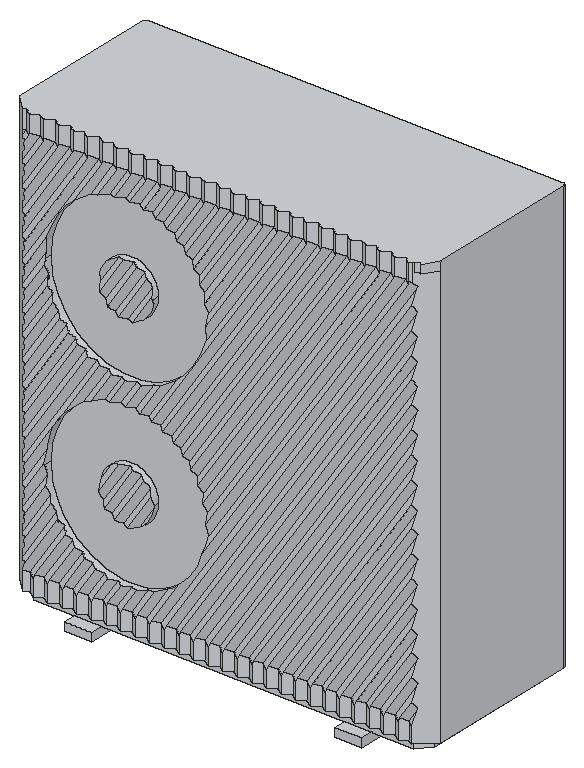
Revit family "HPR17HT", category Mechanical Equipment, Revit 2021 (continued)
Forms (mm)
  Extrusion 17, void
    sketch origin (0, 257.5, 0) x (-1, 0, 0) y (0, 0, 1)
      loop
        arc (253.83, 1010.793) -> (253.83, 993.116) -> (271.508, 993.116) r 12.5
        line (271.508, 993.116) -> (292.721, 1014.329)
        arc (292.721, 1014.329) -> (292.721, 1032.007) -> (275.043, 1032.007) r 12.5
        line (275.043, 1032.007) -> (253.83, 1010.793)
      loop
        arc (313.83, 1010.793) -> (313.83, 993.116) -> (331.508, 993.116) r 12.5
        line (331.508, 993.116) -> (352.721, 1014.329)
        arc (352.721, 1014.329) -> (352.721, 1032.007) -> (335.043, 1032.007) r 12.5
        line (335.043, 1032.007) -> (313.83, 1010.793)
      loop
        arc (373.83, 1010.793) -> (373.83, 993.116) -> (391.508, 993.116) r 12.5
        line (391.508, 993.116) -> (412.721, 1014.329)
        arc (412.721, 1014.329) -> (412.721, 1032.007) -> (395.043, 1032.007) r 12.5
        line (395.043, 1032.007) -> (373.83, 1010.793)
      loop
        arc (433.83, 1010.793) -> (433.83, 993.116) -> (451.508, 993.116) r 12.5
        line (451.508, 993.116) -> (472.721, 1014.329)
        arc (472.721, 1014.329) -> (472.721, 1032.007) -> (455.043, 1032.007) r 12.5
        line (455.043, 1032.007) -> (433.83, 1010.793)
      loop
        arc (493.83, 1010.793) -> (493.83, 993.116) -> (511.508, 993.116) r 12.5
        line (511.508, 993.116) -> (532.721, 1014.329)
        arc (532.721, 1014.329) -> (532.721, 1032.007) -> (515.043, 1032.007) r 12.5
        line (515.043, 1032.007) -> (493.83, 1010.793)
      loop
        arc (553.83, 1010.793) -> (553.83, 993.116) -> (571.508, 993.116) r 12.5
        line (571.508, 993.116) -> (592.721, 1014.329)
        arc (592.721, 1014.329) -> (592.721, 1032.007) -> (575.043, 1032.007) r 12.5
        line (575.043, 1032.007) -> (553.83, 1010.793)
      loop
        arc (193.83, 953.293) -> (193.83, 935.616) -> (211.508, 935.616) r 12.5
        line (211.508, 935.616) -> (232.721, 956.829)
        arc (232.721, 956.829) -> (232.721, 974.507) -> (215.043, 974.507) r 12.5
        line (215.043, 974.507) -> (193.83, 953.293)
      loop
        arc (253.83, 953.293) -> (253.83, 935.616) -> (271.508, 935.616) r 12.5
        line (271.508, 935.616) -> (292.721, 956.829)
        arc (292.721, 956.829) -> (292.721, 974.507) -> (275.043, 974.507) r 12.5
        line (275.043, 974.507) -> (253.83, 953.293)
      loop
        arc (313.83, 953.293) -> (313.83, 935.616) -> (331.508, 935.616) r 12.5
        line (331.508, 935.616) -> (352.721, 956.829)
        arc (352.721, 956.829) -> (352.721, 974.507) -> (335.043, 974.507) r 12.5
        line (335.043, 974.507) -> (313.83, 953.293)
      loop
        arc (373.83, 953.293) -> (373.83, 935.616) -> (391.508, 935.616) r 12.5
        line (391.508, 935.616) -> (412.721, 956.829)
        arc (412.721, 956.829) -> (412.721, 974.507) -> (395.043, 974.507) r 12.5
        line (395.043, 974.507) -> (373.83, 953.293)
      loop
        arc (433.83, 953.293) -> (433.83, 935.616) -> (451.508, 935.616) r 12.5
        line (451.508, 935.616) -> (472.721, 956.829)
        arc (472.721, 956.829) -> (472.721, 974.507) -> (455.043, 974.507) r 12.5
        line (455.043, 974.507) -> (433.83, 953.293)
      loop
        arc (493.83, 953.293) -> (493.83, 935.616) -> (511.508, 935.616) r 12.5
        line (511.508, 935.616) -> (532.721, 956.829)
        arc (532.721, 956.829) -> (532.721, 974.507) -> (515.043, 974.507) r 12.5
        line (515.043, 974.507) -> (493.83, 953.293)
      loop
        arc (553.83, 953.293) -> (553.83, 935.616) -> (571.508, 935.616) r 12.5
        line (571.508, 935.616) -> (592.721, 956.829)
        arc (592.721, 956.829) -> (592.721, 974.507) -> (575.043, 974.507) r 12.5
        line (575.043, 974.507) -> (553.83, 953.293)
      loop
        arc (193.83, 895.793) -> (193.83, 878.116) -> (211.508, 878.116) r 12.5
        line (211.508, 878.116) -> (232.721, 899.329)
        arc (232.721, 899.329) -> (232.721, 917.007) -> (215.043, 917.007) r 12.5
        line (215.043, 917.007) -> (193.83, 895.793)
      loop
        arc (253.83, 895.793) -> (253.83, 878.116) -> (271.508, 878.116) r 12.5
        line (271.508, 878.116) -> (292.721, 899.329)
        arc (292.721, 899.329) -> (292.721, 917.007) -> (275.043, 917.007) r 12.5
        line (275.043, 917.007) -> (253.83, 895.793)
      loop
        arc (313.83, 895.793) -> (313.83, 878.116) -> (331.508, 878.116) r 12.5
        line (331.508, 878.116) -> (352.721, 899.329)
        arc (352.721, 899.329) -> (352.721, 917.007) -> (335.043, 917.007) r 12.5
        line (335.043, 917.007) -> (313.83, 895.793)
      loop
        arc (373.83, 895.793) -> (373.83, 878.116) -> (391.508, 878.116) r 12.5
        line (391.508, 878.116) -> (412.721, 899.329)
        arc (412.721, 899.329) -> (412.721, 917.007) -> (395.043, 917.007) r 12.5
        line (395.043, 917.007) -> (373.83, 895.793)
      loop
        arc (433.83, 895.793) -> (433.83, 878.116) -> (451.508, 878.116) r 12.5
        line (451.508, 878.116) -> (472.721, 899.329)
        arc (472.721, 899.329) -> (472.721, 917.007) -> (455.043, 917.007) r 12.5
        line (455.043, 917.007) -> (433.83, 895.793)
      loop
        arc (493.83, 895.793) -> (493.83, 878.116) -> (511.508, 878.116) r 12.5
        line (511.508, 878.116) -> (532.721, 899.329)
        arc (532.721, 899.329) -> (532.721, 917.007) -> (515.043, 917.007) r 12.5
        line (515.043, 917.007) -> (493.83, 895.793)
      loop
        arc (553.83, 895.793) -> (553.83, 878.116) -> (571.508, 878.116) r 12.5
        line (571.508, 878.116) -> (592.721, 899.329)
        arc (592.721, 899.329) -> (592.721, 917.007) -> (575.043, 917.007) r 12.5
        line (575.043, 917.007) -> (553.83, 895.793)
      loop
        arc (193.83, 838.293) -> (193.83, 820.616) -> (211.508, 820.616) r 12.5
        line (211.508, 820.616) -> (232.721, 841.829)
        arc (232.721, 841.829) -> (232.721, 859.507) -> (215.043, 859.507) r 12.5
        line (215.043, 859.507) -> (193.83, 838.293)
      loop
        arc (253.83, 838.293) -> (253.83, 820.616) -> (271.508, 820.616) r 12.5
        line (271.508, 820.616) -> (292.721, 841.829)
        arc (292.721, 841.829) -> (292.721, 859.507) -> (275.043, 859.507) r 12.5
        line (275.043, 859.507) -> (253.83, 838.293)
      loop
        arc (313.83, 838.293) -> (313.83, 820.616) -> (331.508, 820.616) r 12.5
        line (331.508, 820.616) -> (352.721, 841.829)
        arc (352.721, 841.829) -> (352.721, 859.507) -> (335.043, 859.507) r 12.5
        line (335.043, 859.507) -> (313.83, 838.293)
      loop
        arc (373.83, 838.293) -> (373.83, 820.616) -> (391.508, 820.616) r 12.5
        line (391.508, 820.616) -> (412.721, 841.829)
        arc (412.721, 841.829) -> (412.721, 859.507) -> (395.043, 859.507) r 12.5
        line (395.043, 859.507) -> (373.83, 838.293)
      loop
        arc (433.83, 838.293) -> (433.83, 820.616) -> (451.508, 820.616) r 12.5
        line (451.508, 820.616) -> (472.721, 841.829)
        arc (472.721, 841.829) -> (472.721, 859.507) -> (455.043, 859.507) r 12.5
        line (455.043, 859.507) -> (433.83, 838.293)
      loop
        arc (493.83, 838.293) -> (493.83, 820.616) -> (511.508, 820.616) r 12.5
        line (511.508, 820.616) -> (532.721, 841.829)
        arc (532.721, 841.829) -> (532.721, 859.507) -> (515.043, 859.507) r 12.5
        line (515.043, 859.507) -> (493.83, 838.293)
      loop
        arc (553.83, 838.293) -> (553.83, 820.616) -> (571.508, 820.616) r 12.5
        line (571.508, 820.616) -> (592.721, 841.829)
        arc (592.721, 841.829) -> (592.721, 859.507) -> (575.043, 859.507) r 12.5
        line (575.043, 859.507) -> (553.83, 838.293)
      loop
        arc (193.83, 780.793) -> (193.83, 763.116) -> (211.508, 763.116) r 12.5
        line (211.508, 763.116) -> (232.721, 784.329)
        arc (232.721, 784.329) -> (232.721, 802.007) -> (215.043, 802.007) r 12.5
        line (215.043, 802.007) -> (193.83, 780.793)
      loop
        arc (253.83, 780.793) -> (253.83, 763.116) -> (271.508, 763.116) r 12.5
        line (271.508, 763.116) -> (292.721, 784.329)
        arc (292.721, 784.329) -> (292.721, 802.007) -> (275.043, 802.007) r 12.5
        line (275.043, 802.007) -> (253.83, 780.793)
      loop
        arc (313.83, 780.793) -> (313.83, 763.116) -> (331.508, 763.116) r 12.5
        line (331.508, 763.116) -> (352.721, 784.329)
        arc (352.721, 784.329) -> (352.721, 802.007) -> (335.043, 802.007) r 12.5
        line (335.043, 802.007) -> (313.83, 780.793)
      loop
        arc (373.83, 780.793) -> (373.83, 763.116) -> (391.508, 763.116) r 12.5
        line (391.508, 763.116) -> (412.721, 784.329)
        arc (412.721, 784.329) -> (412.721, 802.007) -> (395.043, 802.007) r 12.5
        line (395.043, 802.007) -> (373.83, 780.793)
      loop
        arc (433.83, 780.793) -> (433.83, 763.116) -> (451.508, 763.116) r 12.5
        line (451.508, 763.116) -> (472.721, 784.329)
        arc (472.721, 784.329) -> (472.721, 802.007) -> (455.043, 802.007) r 12.5
        line (455.043, 802.007) -> (433.83, 780.793)
      loop
        arc (493.83, 780.793) -> (493.83, 763.116) -> (511.508, 763.116) r 12.5
        line (511.508, 763.116) -> (532.721, 784.329)
        arc (532.721, 784.329) -> (532.721, 802.007) -> (515.043, 802.007) r 12.5
        line (515.043, 802.007) -> (493.83, 780.793)
      loop
        arc (553.83, 780.793) -> (553.83, 763.116) -> (571.508, 763.116) r 12.5
        line (571.508, 763.116) -> (592.721, 784.329)
        arc (592.721, 784.329) -> (592.721, 802.007) -> (575.043, 802.007) r 12.5
        line (575.043, 802.007) -> (553.83, 780.793)
      loop
        arc (193.83, 723.293) -> (193.83, 705.616) -> (211.508, 705.616) r 12.5
        line (211.508, 705.616) -> (232.721, 726.829)
        arc (232.721, 726.829) -> (232.721, 744.507) -> (215.043, 744.507) r 12.5
        line (215.043, 744.507) -> (193.83, 723.293)
      loop
        arc (253.83, 723.293) -> (253.83, 705.616) -> (271.508, 705.616) r 12.5
        line (271.508, 705.616) -> (292.721, 726.829)
        arc (292.721, 726.829) -> (292.721, 744.507) -> (275.043, 744.507) r 12.5
        line (275.043, 744.507) -> (253.83, 723.293)
      loop
        arc (313.83, 723.293) -> (313.83, 705.616) -> (331.508, 705.616) r 12.5
        line (331.508, 705.616) -> (352.721, 726.829)
        arc (352.721, 726.829) -> (352.721, 744.507) -> (335.043, 744.507) r 12.5
        line (335.043, 744.507) -> (313.83, 723.293)
      loop
        arc (373.83, 723.293) -> (373.83, 705.616) -> (391.508, 705.616) r 12.5
        line (391.508, 705.616) -> (412.721, 726.829)
        arc (412.721, 726.829) -> (412.721, 744.507) -> (395.043, 744.507) r 12.5
        line (395.043, 744.507) -> (373.83, 723.293)
      loop
        arc (433.83, 723.293) -> (433.83, 705.616) -> (451.508, 705.616) r 12.5
        line (451.508, 705.616) -> (472.721, 726.829)
        arc (472.721, 726.829) -> (472.721, 744.507) -> (455.043, 744.507) r 12.5
        line (455.043, 744.507) -> (433.83, 723.293)
      loop
        arc (493.83, 723.293) -> (493.83, 705.616) -> (511.508, 705.616) r 12.5
        line (511.508, 705.616) -> (532.721, 726.829)
        arc (532.721, 726.829) -> (532.721, 744.507) -> (515.043, 744.507) r 12.5
        line (515.043, 744.507) -> (493.83, 723.293)
      loop
        arc (553.83, 723.293) -> (553.83, 705.616) -> (571.508, 705.616) r 12.5
        line (571.508, 705.616) -> (592.721, 726.829)
        arc (592.721, 726.829) -> (592.721, 744.507) -> (575.043, 744.507) r 12.5
        line (575.043, 744.507) -> (553.83, 723.293)
      loop
        arc (193.83, 665.793) -> (193.83, 648.116) -> (211.508, 648.116) r 12.5
        line (211.508, 648.116) -> (232.721, 669.329)
        arc (232.721, 669.329) -> (232.721, 687.007) -> (215.043, 687.007) r 12.5
        line (215.043, 687.007) -> (193.83, 665.793)
      loop
        arc (253.83, 665.793) -> (253.83, 648.116) -> (271.508, 648.116) r 12.5
        line (271.508, 648.116) -> (292.721, 669.329)
        arc (292.721, 669.329) -> (292.721, 687.007) -> (275.043, 687.007) r 12.5
        line (275.043, 687.007) -> (253.83, 665.793)
      loop
        arc (313.83, 665.793) -> (313.83, 648.116) -> (331.508, 648.116) r 12.5
        line (331.508, 648.116) -> (352.721, 669.329)
        arc (352.721, 669.329) -> (352.721, 687.007) -> (335.043, 687.007) r 12.5
        line (335.043, 687.007) -> (313.83, 665.793)
      loop
        arc (373.83, 665.793) -> (373.83, 648.116) -> (391.508, 648.116) r 12.5
        line (391.508, 648.116) -> (412.721, 669.329)
        arc (412.721, 669.329) -> (412.721, 687.007) -> (395.043, 687.007) r 12.5
        line (395.043, 687.007) -> (373.83, 665.793)
      loop
        arc (433.83, 665.793) -> (433.83, 648.116) -> (451.508, 648.116) r 12.5
        line (451.508, 648.116) -> (472.721, 669.329)
        arc (472.721, 669.329) -> (472.721, 687.007) -> (455.043, 687.007) r 12.5
        line (455.043, 687.007) -> (433.83, 665.793)
      loop
        arc (493.83, 665.793) -> (493.83, 648.116) -> (511.508, 648.116) r 12.5
        line (511.508, 648.116) -> (532.721, 669.329)
        arc (532.721, 669.329) -> (532.721, 687.007) -> (515.043, 687.007) r 12.5
        line (515.043, 687.007) -> (493.83, 665.793)
      loop
        arc (553.83, 665.793) -> (553.83, 648.116) -> (571.508, 648.116) r 12.5
        line (571.508, 648.116) -> (592.721, 669.329)
        arc (592.721, 669.329) -> (592.721, 687.007) -> (575.043, 687.007) r 12.5
        line (575.043, 687.007) -> (553.83, 665.793)
      loop
        arc (193.83, 608.293) -> (193.83, 590.616) -> (211.508, 590.616) r 12.5
        line (211.508, 590.616) -> (232.721, 611.829)
        arc (232.721, 611.829) -> (232.721, 629.507) -> (215.043, 629.507) r 12.5
        line (215.043, 629.507) -> (193.83, 608.293)
      loop
        arc (253.83, 608.293) -> (253.83, 590.616) -> (271.508, 590.616) r 12.5
        line (271.508, 590.616) -> (292.721, 611.829)
        arc (292.721, 611.829) -> (292.721, 629.507) -> (275.043, 629.507) r 12.5
        line (275.043, 629.507) -> (253.83, 608.293)
      loop
        arc (313.83, 608.293) -> (313.83, 590.616) -> (331.508, 590.616) r 12.5
        line (331.508, 590.616) -> (352.721, 611.829)
        arc (352.721, 611.829) -> (352.721, 629.507) -> (335.043, 629.507) r 12.5
        line (335.043, 629.507) -> (313.83, 608.293)
      loop
        arc (373.83, 608.293) -> (373.83, 590.616) -> (391.508, 590.616) r 12.5
        line (391.508, 590.616) -> (412.721, 611.829)
        arc (412.721, 611.829) -> (412.721, 629.507) -> (395.043, 629.507) r 12.5
        line (395.043, 629.507) -> (373.83, 608.293)
      loop
        arc (433.83, 608.293) -> (433.83, 590.616) -> (451.508, 590.616) r 12.5
        line (451.508, 590.616) -> (472.721, 611.829)
        arc (472.721, 611.829) -> (472.721, 629.507) -> (455.043, 629.507) r 12.5
        line (455.043, 629.507) -> (433.83, 608.293)
      loop
        arc (493.83, 608.293) -> (493.83, 590.616) -> (511.508, 590.616) r 12.5
        line (511.508, 590.616) -> (532.721, 611.829)
        arc (532.721, 611.829) -> (532.721, 629.507) -> (515.043, 629.507) r 12.5
        line (515.043, 629.507) -> (493.83, 608.293)
      loop
        arc (553.83, 608.293) -> (553.83, 590.616) -> (571.508, 590.616) r 12.5
        line (571.508, 590.616) -> (592.721, 611.829)
        arc (592.721, 611.829) -> (592.721, 629.507) -> (575.043, 629.507) r 12.5
        line (575.043, 629.507) -> (553.83, 608.293)
      loop
        arc (193.83, 550.793) -> (193.83, 533.116) -> (211.508, 533.116) r 12.5
        line (211.508, 533.116) -> (232.721, 554.329)
        arc (232.721, 554.329) -> (232.721, 572.007) -> (215.043, 572.007) r 12.5
        line (215.043, 572.007) -> (193.83, 550.793)
      loop
        arc (253.83, 550.793) -> (253.83, 533.116) -> (271.508, 533.116) r 12.5
        line (271.508, 533.116) -> (292.721, 554.329)
        arc (292.721, 554.329) -> (292.721, 572.007) -> (275.043, 572.007) r 12.5
        line (275.043, 572.007) -> (253.83, 550.793)
      loop
        arc (313.83, 550.793) -> (313.83, 533.116) -> (331.508, 533.116) r 12.5
        line (331.508, 533.116) -> (352.721, 554.329)
        arc (352.721, 554.329) -> (352.721, 572.007) -> (335.043, 572.007) r 12.5
        line (335.043, 572.007) -> (313.83, 550.793)
      loop
        arc (373.83, 550.793) -> (373.83, 533.116) -> (391.508, 533.116) r 12.5
        line (391.508, 533.116) -> (412.721, 554.329)
        arc (412.721, 554.329) -> (412.721, 572.007) -> (395.043, 572.007) r 12.5
        line (395.043, 572.007) -> (373.83, 550.793)
      loop
        arc (433.83, 550.793) -> (433.83, 533.116) -> (451.508, 533.116) r 12.5
        line (451.508, 533.116) -> (472.721, 554.329)
        arc (472.721, 554.329) -> (472.721, 572.007) -> (455.043, 572.007) r 12.5
        line (455.043, 572.007) -> (433.83, 550.793)
      loop
        arc (493.83, 550.793) -> (493.83, 533.116) -> (511.508, 533.116) r 12.5
        line (511.508, 533.116) -> (532.721, 554.329)
        arc (532.721, 554.329) -> (532.721, 572.007) -> (515.043, 572.007) r 12.5
        line (515.043, 572.007) -> (493.83, 550.793)
      loop
        arc (553.83, 550.793) -> (553.83, 533.116) -> (571.508, 533.116) r 12.5
        line (571.508, 533.116) -> (592.721, 554.329)
        arc (592.721, 554.329) -> (592.721, 572.007) -> (575.043, 572.007) r 12.5
        line (575.043, 572.007) -> (553.83, 550.793)
      loop
        arc (193.83, 493.293) -> (193.83, 475.616) -> (211.508, 475.616) r 12.5
        line (211.508, 475.616) -> (232.721, 496.829)
        arc (232.721, 496.829) -> (232.721, 514.507) -> (215.043, 514.507) r 12.5
        line (215.043, 514.507) -> (193.83, 493.293)
      loop
        arc (253.83, 493.293) -> (253.83, 475.616) -> (271.508, 475.616) r 12.5
        line (271.508, 475.616) -> (292.721, 496.829)
        arc (292.721, 496.829) -> (292.721, 514.507) -> (275.043, 514.507) r 12.5
        line (275.043, 514.507) -> (253.83, 493.293)
      loop
        arc (313.83, 493.293) -> (313.83, 475.616) -> (331.508, 475.616) r 12.5
        line (331.508, 475.616) -> (352.721, 496.829)
        arc (352.721, 496.829) -> (352.721, 514.507) -> (335.043, 514.507) r 12.5
        line (335.043, 514.507) -> (313.83, 493.293)
      loop
        arc (373.83, 493.293) -> (373.83, 475.616) -> (391.508, 475.616) r 12.5
        line (391.508, 475.616) -> (412.721, 496.829)
        arc (412.721, 496.829) -> (412.721, 514.507) -> (395.043, 514.507) r 12.5
        line (395.043, 514.507) -> (373.83, 493.293)
      loop
        arc (433.83, 493.293) -> (433.83, 475.616) -> (451.508, 475.616) r 12.5
        line (451.508, 475.616) -> (472.721, 496.829)
        arc (472.721, 496.829) -> (472.721, 514.507) -> (455.043, 514.507) r 12.5
        line (455.043, 514.507) -> (433.83, 493.293)
      loop
        arc (493.83, 493.293) -> (493.83, 475.616) -> (511.508, 475.616) r 12.5
        line (511.508, 475.616) -> (532.721, 496.829)
        arc (532.721, 496.829) -> (532.721, 514.507) -> (515.043, 514.507) r 12.5
        line (515.043, 514.507) -> (493.83, 493.293)
      loop
        arc (553.83, 493.293) -> (553.83, 475.616) -> (571.508, 475.616) r 12.5
        line (571.508, 475.616) -> (592.721, 496.829)
        arc (592.721, 496.829) -> (592.721, 514.507) -> (575.043, 514.507) r 12.5
        line (575.043, 514.507) -> (553.83, 493.293)
      loop
        arc (193.83, 435.793) -> (193.83, 418.116) -> (211.508, 418.116) r 12.5
        line (211.508, 418.116) -> (232.721, 439.329)
        arc (232.721, 439.329) -> (232.721, 457.007) -> (215.043, 457.007) r 12.5
        line (215.043, 457.007) -> (193.83, 435.793)
      loop
        arc (253.83, 435.793) -> (253.83, 418.116) -> (271.508, 418.116) r 12.5
        line (271.508, 418.116) -> (292.721, 439.329)
        arc (292.721, 439.329) -> (292.721, 457.007) -> (275.043, 457.007) r 12.5
        line (275.043, 457.007) -> (253.83, 435.793)
      loop
        arc (313.83, 435.793) -> (313.83, 418.116) -> (331.508, 418.116) r 12.5
        line (331.508, 418.116) -> (352.721, 439.329)
        arc (352.721, 439.329) -> (352.721, 457.007) -> (335.043, 457.007) r 12.5
        line (335.043, 457.007) -> (313.83, 435.793)
      loop
        arc (373.83, 435.793) -> (373.83, 418.116) -> (391.508, 418.116) r 12.5
        line (391.508, 418.116) -> (412.721, 439.329)
        arc (412.721, 439.329) -> (412.721, 457.007) -> (395.043, 457.007) r 12.5
        line (395.043, 457.007) -> (373.83, 435.793)
      loop
        arc (433.83, 435.793) -> (433.83, 418.116) -> (451.508, 418.116) r 12.5
        line (451.508, 418.116) -> (472.721, 439.329)
        arc (472.721, 439.329) -> (472.721, 457.007) -> (455.043, 457.007) r 12.5
        line (455.043, 457.007) -> (433.83, 435.793)
      loop
        arc (493.83, 435.793) -> (493.83, 418.116) -> (511.508, 418.116) r 12.5
        line (511.508, 418.116) -> (532.721, 439.329)
        arc (532.721, 439.329) -> (532.721, 457.007) -> (515.043, 457.007) r 12.5
        line (515.043, 457.007) -> (493.83, 435.793)
      loop
        arc (553.83, 435.793) -> (553.83, 418.116) -> (571.508, 418.116) r 12.5
        line (571.508, 418.116) -> (592.721, 439.329)
        arc (592.721, 439.329) -> (592.721, 457.007) -> (575.043, 457.007) r 12.5
        line (575.043, 457.007) -> (553.83, 435.793)
      loop
        arc (193.83, 378.293) -> (193.83, 360.616) -> (211.508, 360.616) r 12.5
        line (211.508, 360.616) -> (232.721, 381.829)
        arc (232.721, 381.829) -> (232.721, 399.507) -> (215.043, 399.507) r 12.5
        line (215.043, 399.507) -> (193.83, 378.293)
      loop
        arc (253.83, 378.293) -> (253.83, 360.616) -> (271.508, 360.616) r 12.5
        line (271.508, 360.616) -> (292.721, 381.829)
        arc (292.721, 381.829) -> (292.721, 399.507) -> (275.043, 399.507) r 12.5
        line (275.043, 399.507) -> (253.83, 378.293)
      loop
        arc (313.83, 378.293) -> (313.83, 360.616) -> (331.508, 360.616) r 12.5
        line (331.508, 360.616) -> (352.721, 381.829)
        arc (352.721, 381.829) -> (352.721, 399.507) -> (335.043, 399.507) r 12.5
        line (335.043, 399.507) -> (313.83, 378.293)
      loop
        arc (373.83, 378.293) -> (373.83, 360.616) -> (391.508, 360.616) r 12.5
        line (391.508, 360.616) -> (412.721, 381.829)
        arc (412.721, 381.829) -> (412.721, 399.507) -> (395.043, 399.507) r 12.5
        line (395.043, 399.507) -> (373.83, 378.293)
      loop
        arc (433.83, 378.293) -> (433.83, 360.616) -> (451.508, 360.616) r 12.5
        line (451.508, 360.616) -> (472.721, 381.829)
        arc (472.721, 381.829) -> (472.721, 399.507) -> (455.043, 399.507) r 12.5
        line (455.043, 399.507) -> (433.83, 378.293)
      loop
        arc (493.83, 378.293) -> (493.83, 360.616) -> (511.508, 360.616) r 12.5
        line (511.508, 360.616) -> (532.721, 381.829)
        arc (532.721, 381.829) -> (532.721, 399.507) -> (515.043, 399.507) r 12.5
        line (515.043, 399.507) -> (493.83, 378.293)
      loop
        arc (553.83, 378.293) -> (553.83, 360.616) -> (571.508, 360.616) r 12.5
        line (571.508, 360.616) -> (592.721, 381.829)
        arc (592.721, 381.829) -> (592.721, 399.507) -> (575.043, 399.507) r 12.5
        line (575.043, 399.507) -> (553.83, 378.293)
      loop
        arc (193.83, 320.793) -> (193.83, 303.116) -> (211.508, 303.116) r 12.5
        line (211.508, 303.116) -> (232.721, 324.329)
        arc (232.721, 324.329) -> (232.721, 342.007) -> (215.043, 342.007) r 12.5
        line (215.043, 342.007) -> (193.83, 320.793)
      loop
        arc (253.83, 320.793) -> (253.83, 303.116) -> (271.508, 303.116) r 12.5
        line (271.508, 303.116) -> (292.721, 324.329)
        arc (292.721, 324.329) -> (292.721, 342.007) -> (275.043, 342.007) r 12.5
        line (275.043, 342.007) -> (253.83, 320.793)
      loop
        arc (313.83, 320.793) -> (313.83, 303.116) -> (331.508, 303.116) r 12.5
        line (331.508, 303.116) -> (352.721, 324.329)
        arc (352.721, 324.329) -> (352.721, 342.007) -> (335.043, 342.007) r 12.5
        line (335.043, 342.007) -> (313.83, 320.793)
      loop
        arc (373.83, 320.793) -> (373.83, 303.116) -> (391.508, 303.116) r 12.5
        line (391.508, 303.116) -> (412.721, 324.329)
        arc (412.721, 324.329) -> (412.721, 342.007) -> (395.043, 342.007) r 12.5
        line (395.043, 342.007) -> (373.83, 320.793)
      loop
        arc (433.83, 320.793) -> (433.83, 303.116) -> (451.508, 303.116) r 12.5
        line (451.508, 303.116) -> (472.721, 324.329)
        arc (472.721, 324.329) -> (472.721, 342.007) -> (455.043, 342.007) r 12.5
        line (455.043, 342.007) -> (433.83, 320.793)
      loop
        arc (493.83, 320.793) -> (493.83, 303.116) -> (511.508, 303.116) r 12.5
        line (511.508, 303.116) -> (532.721, 324.329)
        arc (532.721, 324.329) -> (532.721, 342.007) -> (515.043, 342.007) r 12.5
        line (515.043, 342.007) -> (493.83, 320.793)
      loop
        arc (553.83, 320.793) -> (553.83, 303.116) -> (571.508, 303.116) r 12.5
        line (571.508, 303.116) -> (592.721, 324.329)
        arc (592.721, 324.329) -> (592.721, 342.007) -> (575.043, 342.007) r 12.5
        line (575.043, 342.007) -> (553.83, 320.793)
      loop
        arc (193.83, 263.293) -> (193.83, 245.616) -> (211.508, 245.616) r 12.5
        line (211.508, 245.616) -> (232.721, 266.829)
        arc (232.721, 266.829) -> (232.721, 284.507) -> (215.043, 284.507) r 12.5
        line (215.043, 284.507) -> (193.83, 263.293)
      loop
        arc (253.83, 263.293) -> (253.83, 245.616) -> (271.508, 245.616) r 12.5
        line (271.508, 245.616) -> (292.721, 266.829)
        arc (292.721, 266.829) -> (292.721, 284.507) -> (275.043, 284.507) r 12.5
        line (275.043, 284.507) -> (253.83, 263.293)
      loop
        arc (313.83, 263.293) -> (313.83, 245.616) -> (331.508, 245.616) r 12.5
        line (331.508, 245.616) -> (352.721, 266.829)
        arc (352.721, 266.829) -> (352.721, 284.507) -> (335.043, 284.507) r 12.5
        line (335.043, 284.507) -> (313.83, 263.293)
      loop
        arc (373.83, 263.293) -> (373.83, 245.616) -> (391.508, 245.616) r 12.5
        line (391.508, 245.616) -> (412.721, 266.829)
        arc (412.721, 266.829) -> (412.721, 284.507) -> (395.043, 284.507) r 12.5
        line (395.043, 284.507) -> (373.83, 263.293)
      loop
        arc (433.83, 263.293) -> (433.83, 245.616) -> (451.508, 245.616) r 12.5
        line (451.508, 245.616) -> (472.721, 266.829)
        arc (472.721, 266.829) -> (472.721, 284.507) -> (455.043, 284.507) r 12.5
        line (455.043, 284.507) -> (433.83, 263.293)
      loop
        arc (493.83, 263.293) -> (493.83, 245.616) -> (511.508, 245.616) r 12.5
        line (511.508, 245.616) -> (532.721, 266.829)
        arc (532.721, 266.829) -> (532.721, 284.507) -> (515.043, 284.507) r 12.5
        line (515.043, 284.507) -> (493.83, 263.293)
      loop
        arc (553.83, 263.293) -> (553.83, 245.616) -> (571.508, 245.616) r 12.5
        line (571.508, 245.616) -> (592.721, 266.829)
        arc (592.721, 266.829) -> (592.721, 284.507) -> (575.043, 284.507) r 12.5
        line (575.043, 284.507) -> (553.83, 263.293)
      loop
        arc (193.83, 205.793) -> (193.83, 188.116) -> (211.508, 188.116) r 12.5
        line (211.508, 188.116) -> (232.721, 209.329)
        arc (232.721, 209.329) -> (232.721, 227.007) -> (215.043, 227.007) r 12.5
        line (215.043, 227.007) -> (193.83, 205.793)
      loop
        arc (253.83, 205.793) -> (253.83, 188.116) -> (271.508, 188.116) r 12.5
        line (271.508, 188.116) -> (292.721, 209.329)
        arc (292.721, 209.329) -> (292.721, 227.007) -> (275.043, 227.007) r 12.5
        line (275.043, 227.007) -> (253.83, 205.793)
      loop
        arc (313.83, 205.793) -> (313.83, 188.116) -> (331.508, 188.116) r 12.5
        line (331.508, 188.116) -> (352.721, 209.329)
        arc (352.721, 209.329) -> (352.721, 227.007) -> (335.043, 227.007) r 12.5
        line (335.043, 227.007) -> (313.83, 205.793)
      loop
        arc (373.83, 205.793) -> (373.83, 188.116) -> (391.508, 188.116) r 12.5
        line (391.508, 188.116) -> (412.721, 209.329)
        arc (412.721, 209.329) -> (412.721, 227.007) -> (395.043, 227.007) r 12.5
        line (395.043, 227.007) -> (373.83, 205.793)
      loop
        arc (433.83, 205.793) -> (433.83, 188.116) -> (451.508, 188.116) r 12.5
        line (451.508, 188.116) -> (472.721, 209.329)
        arc (472.721, 209.329) -> (472.721, 227.007) -> (455.043, 227.007) r 12.5
        line (455.043, 227.007) -> (433.83, 205.793)
      loop
        arc (493.83, 205.793) -> (493.83, 188.116) -> (511.508, 188.116) r 12.5
        line (511.508, 188.116) -> (532.721, 209.329)
        arc (532.721, 209.329) -> (532.721, 227.007) -> (515.043, 227.007) r 12.5
        line (515.043, 227.007) -> (493.83, 205.793)
      loop
        arc (553.83, 205.793) -> (553.83, 188.116) -> (571.508, 188.116) r 12.5
        line (571.508, 188.116) -> (592.721, 209.329)
        arc (592.721, 209.329) -> (592.721, 227.007) -> (575.043, 227.007) r 12.5
        line (575.043, 227.007) -> (553.83, 205.793)
      loop
        arc (193.83, 148.293) -> (193.83, 130.616) -> (211.508, 130.616) r 12.5
        line (211.508, 130.616) -> (232.721, 151.829)
        arc (232.721, 151.829) -> (232.721, 169.507) -> (215.043, 169.507) r 12.5
        line (215.043, 169.507) -> (193.83, 148.293)
      loop
        arc (253.83, 148.293) -> (253.83, 130.616) -> (271.508, 130.616) r 12.5
        line (271.508, 130.616) -> (292.721, 151.829)
        arc (292.721, 151.829) -> (292.721, 169.507) -> (275.043, 169.507) r 12.5
        line (275.043, 169.507) -> (253.83, 148.293)
      loop
        arc (313.83, 148.293) -> (313.83, 130.616) -> (331.508, 130.616) r 12.5
        line (331.508, 130.616) -> (352.721, 151.829)
        arc (352.721, 151.829) -> (352.721, 169.507) -> (335.043, 169.507) r 12.5
        line (335.043, 169.507) -> (313.83, 148.293)
      loop
        arc (373.83, 148.293) -> (373.83, 130.616) -> (391.508, 130.616) r 12.5
        line (391.508, 130.616) -> (412.721, 151.829)
        arc (412.721, 151.829) -> (412.721, 169.507) -> (395.043, 169.507) r 12.5
        line (395.043, 169.507) -> (373.83, 148.293)
      loop
        arc (433.83, 148.293) -> (433.83, 130.616) -> (451.508, 130.616) r 12.5
        line (451.508, 130.616) -> (472.721, 151.829)
        arc (472.721, 151.829) -> (472.721, 169.507) -> (455.043, 169.507) r 12.5
        line (455.043, 169.507) -> (433.83, 148.293)
      loop
        arc (493.83, 148.293) -> (493.83, 130.616) -> (511.508, 130.616) r 12.5
        line (511.508, 130.616) -> (532.721, 151.829)
        arc (532.721, 151.829) -> (532.721, 169.507) -> (515.043, 169.507) r 12.5
        line (515.043, 169.507) -> (493.83, 148.293)
      loop
        arc (553.83, 148.293) -> (553.83, 130.616) -> (571.508, 130.616) r 12.5
        line (571.508, 130.616) -> (592.721, 151.829)
        arc (592.721, 151.829) -> (592.721, 169.507) -> (575.043, 169.507) r 12.5
        line (575.043, 169.507) -> (553.83, 148.293)
      loop
        arc (193.83, 90.793) -> (193.83, 73.116) -> (211.508, 73.116) r 12.5
        line (211.508, 73.116) -> (232.721, 94.329)
        arc (232.721, 94.329) -> (232.721, 112.007) -> (215.043, 112.007) r 12.5
        line (215.043, 112.007) -> (193.83, 90.793)
      loop
        arc (253.83, 90.793) -> (253.83, 73.116) -> (271.508, 73.116) r 12.5
        line (271.508, 73.116) -> (292.721, 94.329)
        arc (292.721, 94.329) -> (292.721, 112.007) -> (275.043, 112.007) r 12.5
        line (275.043, 112.007) -> (253.83, 90.793)
      loop
        arc (313.83, 90.793) -> (313.83, 73.116) -> (331.508, 73.116) r 12.5
        line (331.508, 73.116) -> (352.721, 94.329)
        arc (352.721, 94.329) -> (352.721, 112.007) -> (335.043, 112.007) r 12.5
        line (335.043, 112.007) -> (313.83, 90.793)
      loop
        arc (373.83, 90.793) -> (373.83, 73.116) -> (391.508, 73.116) r 12.5
        line (391.508, 73.116) -> (412.721, 94.329)
        arc (412.721, 94.329) -> (412.721, 112.007) -> (395.043, 112.007) r 12.5
        line (395.043, 112.007) -> (373.83, 90.793)
      loop
        arc (433.83, 90.793) -> (433.83, 73.116) -> (451.508, 73.116) r 12.5
        line (451.508, 73.116) -> (472.721, 94.329)
        arc (472.721, 94.329) -> (472.721, 112.007) -> (455.043, 112.007) r 12.5
        line (455.043, 112.007) -> (433.83, 90.793)
      loop
        arc (493.83, 90.793) -> (493.83, 73.116) -> (511.508, 73.116) r 12.5
        line (511.508, 73.116) -> (532.721, 94.329)
        arc (532.721, 94.329) -> (532.721, 112.007) -> (515.043, 112.007) r 12.5
        line (515.043, 112.007) -> (493.83, 90.793)
      loop
        arc (553.83, 90.793) -> (553.83, 73.116) -> (571.508, 73.116) r 12.5
        line (571.508, 73.116) -> (592.721, 94.329)
        arc (592.721, 94.329) -> (592.721, 112.007) -> (575.043, 112.007) r 12.5
        line (575.043, 112.007) -> (553.83, 90.793)
      loop
        arc (-46.17, 1240.793) -> (-46.17, 1223.116) -> (-28.492, 1223.116) r 12.5
        line (-28.492, 1223.116) -> (-7.279, 1244.329)
        arc (-7.279, 1244.329) -> (-7.279, 1262.007) -> (-24.957, 1262.007) r 12.5
        line (-24.957, 1262.007) -> (-46.17, 1240.793)
      loop
        arc (13.83, 1240.793) -> (13.83, 1223.116) -> (31.508, 1223.116) r 12.5
        line (31.508, 1223.116) -> (52.721, 1244.329)
        arc (52.721, 1244.329) -> (52.721, 1262.007) -> (35.043, 1262.007) r 12.5
        line (35.043, 1262.007) -> (13.83, 1240.793)
      loop
        arc (73.83, 1240.793) -> (73.83, 1223.116) -> (91.508, 1223.116) r 12.5
        line (91.508, 1223.116) -> (112.721, 1244.329)
        arc (112.721, 1244.329) -> (112.721, 1262.007) -> (95.043, 1262.007) r 12.5
        line (95.043, 1262.007) -> (73.83, 1240.793)
      loop
        arc (133.83, 1240.793) -> (133.83, 1223.116) -> (151.508, 1223.116) r 12.5
        line (151.508, 1223.116) -> (172.721, 1244.329)
        arc (172.721, 1244.329) -> (172.721, 1262.007) -> (155.043, 1262.007) r 12.5
        line (155.043, 1262.007) -> (133.83, 1240.793)
      loop
        arc (-46.17, 1183.293) -> (-46.17, 1165.616) -> (-28.492, 1165.616) r 12.5
        line (-28.492, 1165.616) -> (-7.279, 1186.829)
        arc (-7.279, 1186.829) -> (-7.279, 1204.507) -> (-24.957, 1204.507) r 12.5
        line (-24.957, 1204.507) -> (-46.17, 1183.293)
      loop
        arc (13.83, 1183.293) -> (13.83, 1165.616) -> (31.508, 1165.616) r 12.5
        line (31.508, 1165.616) -> (52.721, 1186.829)
        arc (52.721, 1186.829) -> (52.721, 1204.507) -> (35.043, 1204.507) r 12.5
        line (35.043, 1204.507) -> (13.83, 1183.293)
      loop
        arc (73.83, 1183.293) -> (73.83, 1165.616) -> (91.508, 1165.616) r 12.5
        line (91.508, 1165.616) -> (112.721, 1186.829)
        arc (112.721, 1186.829) -> (112.721, 1204.507) -> (95.043, 1204.507) r 12.5
        line (95.043, 1204.507) -> (73.83, 1183.293)
      loop
        arc (133.83, 1183.293) -> (133.83, 1165.616) -> (151.508, 1165.616) r 12.5
        line (151.508, 1165.616) -> (172.721, 1186.829)
        arc (172.721, 1186.829) -> (172.721, 1204.507) -> (155.043, 1204.507) r 12.5
        line (155.043, 1204.507) -> (133.83, 1183.293)
      loop
        arc (-46.17, 1125.793) -> (-46.17, 1108.116) -> (-28.492, 1108.116) r 12.5
        line (-28.492, 1108.116) -> (-7.279, 1129.329)
        arc (-7.279, 1129.329) -> (-7.279, 1147.007) -> (-24.957, 1147.007) r 12.5
        line (-24.957, 1147.007) -> (-46.17, 1125.793)
      loop
        arc (13.83, 1125.793) -> (13.83, 1108.116) -> (31.508, 1108.116) r 12.5
        line (31.508, 1108.116) -> (52.721, 1129.329)
        arc (52.721, 1129.329) -> (52.721, 1147.007) -> (35.043, 1147.007) r 12.5
        line (35.043, 1147.007) -> (13.83, 1125.793)
      loop
        arc (73.83, 1125.793) -> (73.83, 1108.116) -> (91.508, 1108.116) r 12.5
        line (91.508, 1108.116) -> (112.721, 1129.329)
        arc (112.721, 1129.329) -> (112.721, 1147.007) -> (95.043, 1147.007) r 12.5
        line (95.043, 1147.007) -> (73.83, 1125.793)
      loop
        arc (133.83, 1125.793) -> (133.83, 1108.116) -> (151.508, 1108.116) r 12.5
        line (151.508, 1108.116) -> (172.721, 1129.329)
        arc (172.721, 1129.329) -> (172.721, 1147.007) -> (155.043, 1147.007) r 12.5
        line (155.043, 1147.007) -> (133.83, 1125.793)
      loop
        arc (-46.17, 1068.293) -> (-46.17, 1050.616) -> (-28.492, 1050.616) r 12.5
        line (-28.492, 1050.616) -> (-7.279, 1071.829)
        arc (-7.279, 1071.829) -> (-7.279, 1089.507) -> (-24.957, 1089.507) r 12.5
        line (-24.957, 1089.507) -> (-46.17, 1068.293)
      loop
        arc (13.83, 1068.293) -> (13.83, 1050.616) -> (31.508, 1050.616) r 12.5
        line (31.508, 1050.616) -> (52.721, 1071.829)
        arc (52.721, 1071.829) -> (52.721, 1089.507) -> (35.043, 1089.507) r 12.5
        line (35.043, 1089.507) -> (13.83, 1068.293)
      loop
        arc (73.83, 1068.293) -> (73.83, 1050.616) -> (91.508, 1050.616) r 12.5
        line (91.508, 1050.616) -> (112.721, 1071.829)
        arc (112.721, 1071.829) -> (112.721, 1089.507) -> (95.043, 1089.507) r 12.5
        line (95.043, 1089.507) -> (73.83, 1068.293)
      loop
        arc (133.83, 1068.293) -> (133.83, 1050.616) -> (151.508, 1050.616) r 12.5
        line (151.508, 1050.616) -> (172.721, 1071.829)
        arc (172.721, 1071.829) -> (172.721, 1089.507) -> (155.043, 1089.507) r 12.5
        line (155.043, 1089.507) -> (133.83, 1068.293)
      loop
        arc (-46.17, 1010.793) -> (-46.17, 993.116) -> (-28.492, 993.116) r 12.5
        line (-28.492, 993.116) -> (-7.279, 1014.329)
        arc (-7.279, 1014.329) -> (-7.279, 1032.007) -> (-24.957, 1032.007) r 12.5
        line (-24.957, 1032.007) -> (-46.17, 1010.793)
      loop
        arc (13.83, 1010.793) -> (13.83, 993.116) -> (31.508, 993.116) r 12.5
        line (31.508, 993.116) -> (52.721, 1014.329)
        arc (52.721, 1014.329) -> (52.721, 1032.007) -> (35.043, 1032.007) r 12.5
        line (35.043, 1032.007) -> (13.83, 1010.793)
      loop
        arc (73.83, 1010.793) -> (73.83, 993.116) -> (91.508, 993.116) r 12.5
        line (91.508, 993.116) -> (112.721, 1014.329)
        arc (112.721, 1014.329) -> (112.721, 1032.007) -> (95.043, 1032.007) r 12.5
        line (95.043, 1032.007) -> (73.83, 1010.793)
      loop
        arc (133.83, 1010.793) -> (133.83, 993.116) -> (151.508, 993.116) r 12.5
        line (151.508, 993.116) -> (172.721, 1014.329)
        arc (172.721, 1014.329) -> (172.721, 1032.007) -> (155.043, 1032.007) r 12.5
        line (155.043, 1032.007) -> (133.83, 1010.793)
      loop
        arc (-46.17, 953.293) -> (-46.17, 935.616) -> (-28.492, 935.616) r 12.5
        line (-28.492, 935.616) -> (-7.279, 956.829)
        arc (-7.279, 956.829) -> (-7.279, 974.507) -> (-24.957, 974.507) r 12.5
        line (-24.957, 974.507) -> (-46.17, 953.293)
      loop
        arc (13.83, 953.293) -> (13.83, 935.616) -> (31.508, 935.616) r 12.5
        line (31.508, 935.616) -> (52.721, 956.829)
        arc (52.721, 956.829) -> (52.721, 974.507) -> (35.043, 974.507) r 12.5
        line (35.043, 974.507) -> (13.83, 953.293)
      loop
        arc (73.83, 953.293) -> (73.83, 935.616) -> (91.508, 935.616) r 12.5
        line (91.508, 935.616) -> (112.721, 956.829)
        arc (112.721, 956.829) -> (112.721, 974.507) -> (95.043, 974.507) r 12.5
        line (95.043, 974.507) -> (73.83, 953.293)
      loop
        arc (133.83, 953.293) -> (133.83, 935.616) -> (151.508, 935.616) r 12.5
        line (151.508, 935.616) -> (172.721, 956.829)
        arc (172.721, 956.829) -> (172.721, 974.507) -> (155.043, 974.507) r 12.5
        line (155.043, 974.507) -> (133.83, 953.293)
      loop
        arc (-46.17, 895.793) -> (-46.17, 878.116) -> (-28.492, 878.116) r 12.5
        line (-28.492, 878.116) -> (-7.279, 899.329)
        arc (-7.279, 899.329) -> (-7.279, 917.007) -> (-24.957, 917.007) r 12.5
        line (-24.957, 917.007) -> (-46.17, 895.793)
      loop
        arc (13.83, 895.793) -> (13.83, 878.116) -> (31.508, 878.116) r 12.5
        line (31.508, 878.116) -> (52.721, 899.329)
        arc (52.721, 899.329) -> (52.721, 917.007) -> (35.043, 917.007) r 12.5
        line (35.043, 917.007) -> (13.83, 895.793)
      loop
        arc (73.83, 895.793) -> (73.83, 878.116) -> (91.508, 878.116) r 12.5
        line (91.508, 878.116) -> (112.721, 899.329)
        arc (112.721, 899.329) -> (112.721, 917.007) -> (95.043, 917.007) r 12.5
        line (95.043, 917.007) -> (73.83, 895.793)
      loop
        arc (133.83, 895.793) -> (133.83, 878.116) -> (151.508, 878.116) r 12.5
        line (151.508, 878.116) -> (172.721, 899.329)
        arc (172.721, 899.329) -> (172.721, 917.007) -> (155.043, 917.007) r 12.5
        line (155.043, 917.007) -> (133.83, 895.793)
      loop
        arc (-46.17, 838.293) -> (-46.17, 820.616) -> (-28.492, 820.616) r 12.5
        line (-28.492, 820.616) -> (-7.279, 841.829)
        arc (-7.279, 841.829) -> (-7.279, 859.507) -> (-24.957, 859.507) r 12.5
        line (-24.957, 859.507) -> (-46.17, 838.293)
      loop
        arc (13.83, 838.293) -> (13.83, 820.616) -> (31.508, 820.616) r 12.5
        line (31.508, 820.616) -> (52.721, 841.829)
        arc (52.721, 841.829) -> (52.721, 859.507) -> (35.043, 859.507) r 12.5
        line (35.043, 859.507) -> (13.83, 838.293)
      loop
        arc (73.83, 838.293) -> (73.83, 820.616) -> (91.508, 820.616) r 12.5
        line (91.508, 820.616) -> (112.721, 841.829)
        arc (112.721, 841.829) -> (112.721, 859.507) -> (95.043, 859.507) r 12.5
        line (95.043, 859.507) -> (73.83, 838.293)
      loop
        arc (133.83, 838.293) -> (133.83, 820.616) -> (151.508, 820.616) r 12.5
        line (151.508, 820.616) -> (172.721, 841.829)
        arc (172.721, 841.829) -> (172.721, 859.507) -> (155.043, 859.507) r 12.5
        line (155.043, 859.507) -> (133.83, 838.293)
      loop
        arc (-46.17, 780.793) -> (-46.17, 763.116) -> (-28.492, 763.116) r 12.5
        line (-28.492, 763.116) -> (-7.279, 784.329)
        arc (-7.279, 784.329) -> (-7.279, 802.007) -> (-24.957, 802.007) r 12.5
        line (-24.957, 802.007) -> (-46.17, 780.793)
      loop
        arc (13.83, 780.793) -> (13.83, 763.116) -> (31.508, 763.116) r 12.5
        line (31.508, 763.116) -> (52.721, 784.329)
        arc (52.721, 784.329) -> (52.721, 802.007) -> (35.043, 802.007) r 12.5
        line (35.043, 802.007) -> (13.83, 780.793)
      loop
        arc (73.83, 780.793) -> (73.83, 763.116) -> (91.508, 763.116) r 12.5
        line (91.508, 763.116) -> (112.721, 784.329)
        arc (112.721, 784.329) -> (112.721, 802.007) -> (95.043, 802.007) r 12.5
        line (95.043, 802.007) -> (73.83, 780.793)
      loop
        arc (133.83, 780.793) -> (133.83, 763.116) -> (151.508, 763.116) r 12.5
        line (151.508, 763.116) -> (172.721, 784.329)
        arc (172.721, 784.329) -> (172.721, 802.007) -> (155.043, 802.007) r 12.5
        line (155.043, 802.007) -> (133.83, 780.793)
      loop
        arc (-46.17, 723.293) -> (-46.17, 705.616) -> (-28.492, 705.616) r 12.5
        line (-28.492, 705.616) -> (-7.279, 726.829)
        arc (-7.279, 726.829) -> (-7.279, 744.507) -> (-24.957, 744.507) r 12.5
        line (-24.957, 744.507) -> (-46.17, 723.293)
      loop
        arc (13.83, 723.293) -> (13.83, 705.616) -> (31.508, 705.616) r 12.5
        line (31.508, 705.616) -> (52.721, 726.829)
        arc (52.721, 726.829) -> (52.721, 744.507) -> (35.043, 744.507) r 12.5
        line (35.043, 744.507) -> (13.83, 723.293)
      loop
        arc (73.83, 723.293) -> (73.83, 705.616) -> (91.508, 705.616) r 12.5
        line (91.508, 705.616) -> (112.721, 726.829)
        arc (112.721, 726.829) -> (112.721, 744.507) -> (95.043, 744.507) r 12.5
        line (95.043, 744.507) -> (73.83, 723.293)
      loop
        arc (133.83, 723.293) -> (133.83, 705.616) -> (151.508, 705.616) r 12.5
        line (151.508, 705.616) -> (172.721, 726.829)
        arc (172.721, 726.829) -> (172.721, 744.507) -> (155.043, 744.507) r 12.5
        line (155.043, 744.507) -> (133.83, 723.293)
      loop
        arc (-46.17, 665.793) -> (-46.17, 648.116) -> (-28.492, 648.116) r 12.5
        line (-28.492, 648.116) -> (-7.279, 669.329)
        arc (-7.279, 669.329) -> (-7.279, 687.007) -> (-24.957, 687.007) r 12.5
        line (-24.957, 687.007) -> (-46.17, 665.793)
      loop
        arc (13.83, 665.793) -> (13.83, 648.116) -> (31.508, 648.116) r 12.5
        line (31.508, 648.116) -> (52.721, 669.329)
        arc (52.721, 669.329) -> (52.721, 687.007) -> (35.043, 687.007) r 12.5
        line (35.043, 687.007) -> (13.83, 665.793)
      loop
        arc (73.83, 665.793) -> (73.83, 648.116) -> (91.508, 648.116) r 12.5
        line (91.508, 648.116) -> (112.721, 669.329)
        arc (112.721, 669.329) -> (112.721, 687.007) -> (95.043, 687.007) r 12.5
        line (95.043, 687.007) -> (73.83, 665.793)
      loop
        arc (133.83, 665.793) -> (133.83, 648.116) -> (151.508, 648.116) r 12.5
        line (151.508, 648.116) -> (172.721, 669.329)
        arc (172.721, 669.329) -> (172.721, 687.007) -> (155.043, 687.007) r 12.5
        line (155.043, 687.007) -> (133.83, 665.793)
      loop
        arc (-46.17, 608.293) -> (-46.17, 590.616) -> (-28.492, 590.616) r 12.5
        line (-28.492, 590.616) -> (-7.279, 611.829)
        arc (-7.279, 611.829) -> (-7.279, 629.507) -> (-24.957, 629.507) r 12.5
        line (-24.957, 629.507) -> (-46.17, 608.293)
      loop
        arc (13.83, 608.293) -> (13.83, 590.616) -> (31.508, 590.616) r 12.5
        line (31.508, 590.616) -> (52.721, 611.829)
        arc (52.721, 611.829) -> (52.721, 629.507) -> (35.043, 629.507) r 12.5
        line (35.043, 629.507) -> (13.83, 608.293)
      loop
        arc (73.83, 608.293) -> (73.83, 590.616) -> (91.508, 590.616) r 12.5
        line (91.508, 590.616) -> (112.721, 611.829)
        arc (112.721, 611.829) -> (112.721, 629.507) -> (95.043, 629.507) r 12.5
        line (95.043, 629.507) -> (73.83, 608.293)
      loop
        arc (133.83, 608.293) -> (133.83, 590.616) -> (151.508, 590.616) r 12.5
        line (151.508, 590.616) -> (172.721, 611.829)
        arc (172.721, 611.829) -> (172.721, 629.507) -> (155.043, 629.507) r 12.5
        line (155.043, 629.507) -> (133.83, 608.293)
      loop
        arc (-46.17, 550.793) -> (-46.17, 533.116) -> (-28.492, 533.116) r 12.5
        line (-28.492, 533.116) -> (-7.279, 554.329)
        arc (-7.279, 554.329) -> (-7.279, 572.007) -> (-24.957, 572.007) r 12.5
        line (-24.957, 572.007) -> (-46.17, 550.793)
      loop
        arc (13.83, 550.793) -> (13.83, 533.116) -> (31.508, 533.116) r 12.5
        line (31.508, 533.116) -> (52.721, 554.329)
        arc (52.721, 554.329) -> (52.721, 572.007) -> (35.043, 572.007) r 12.5
        line (35.043, 572.007) -> (13.83, 550.793)
      loop
        arc (73.83, 550.793) -> (73.83, 533.116) -> (91.508, 533.116) r 12.5
        line (91.508, 533.116) -> (112.721, 554.329)
        arc (112.721, 554.329) -> (112.721, 572.007) -> (95.043, 572.007) r 12.5
        line (95.043, 572.007) -> (73.83, 550.793)
      loop
        arc (133.83, 550.793) -> (133.83, 533.116) -> (151.508, 533.116) r 12.5
        line (151.508, 533.116) -> (172.721, 554.329)
        arc (172.721, 554.329) -> (172.721, 572.007) -> (155.043, 572.007) r 12.5
        line (155.043, 572.007) -> (133.83, 550.793)
      loop
        arc (-46.17, 493.293) -> (-46.17, 475.616) -> (-28.492, 475.616) r 12.5
        line (-28.492, 475.616) -> (-7.279, 496.829)
        arc (-7.279, 496.829) -> (-7.279, 514.507) -> (-24.957, 514.507) r 12.5
        line (-24.957, 514.507) -> (-46.17, 493.293)
      loop
        arc (13.83, 493.293) -> (13.83, 475.616) -> (31.508, 475.616) r 12.5
        line (31.508, 475.616) -> (52.721, 496.829)
        arc (52.721, 496.829) -> (52.721, 514.507) -> (35.043, 514.507) r 12.5
        line (35.043, 514.507) -> (13.83, 493.293)
      loop
        arc (73.83, 493.293) -> (73.83, 475.616) -> (91.508, 475.616) r 12.5
        line (91.508, 475.616) -> (112.721, 496.829)
        arc (112.721, 496.829) -> (112.721, 514.507) -> (95.043, 514.507) r 12.5
        line (95.043, 514.507) -> (73.83, 493.293)
      loop
        arc (133.83, 493.293) -> (133.83, 475.616) -> (151.508, 475.616) r 12.5
        line (151.508, 475.616) -> (172.721, 496.829)
        arc (172.721, 496.829) -> (172.721, 514.507) -> (155.043, 514.507) r 12.5
        line (155.043, 514.507) -> (133.83, 493.293)
      loop
        arc (-46.17, 435.793) -> (-46.17, 418.116) -> (-28.492, 418.116) r 12.5
        line (-28.492, 418.116) -> (-7.279, 439.329)
        arc (-7.279, 439.329) -> (-7.279, 457.007) -> (-24.957, 457.007) r 12.5
        line (-24.957, 457.007) -> (-46.17, 435.793)
      loop
        arc (13.83, 435.793) -> (13.83, 418.116) -> (31.508, 418.116) r 12.5
        line (31.508, 418.116) -> (52.721, 439.329)
        arc (52.721, 439.329) -> (52.721, 457.007) -> (35.043, 457.007) r 12.5
        line (35.043, 457.007) -> (13.83, 435.793)
      loop
        arc (73.83, 435.793) -> (73.83, 418.116) -> (91.508, 418.116) r 12.5
        line (91.508, 418.116) -> (112.721, 439.329)
        arc (112.721, 439.329) -> (112.721, 457.007) -> (95.043, 457.007) r 12.5
        line (95.043, 457.007) -> (73.83, 435.793)
      loop
        arc (133.83, 435.793) -> (133.83, 418.116) -> (151.508, 418.116) r 12.5
        line (151.508, 418.116) -> (172.721, 439.329)
        arc (172.721, 439.329) -> (172.721, 457.007) -> (155.043, 457.007) r 12.5
        line (155.043, 457.007) -> (133.83, 435.793)
      loop
        arc (-46.17, 378.293) -> (-46.17, 360.616) -> (-28.492, 360.616) r 12.5
        line (-28.492, 360.616) -> (-7.279, 381.829)
        arc (-7.279, 381.829) -> (-7.279, 399.507) -> (-24.957, 399.507) r 12.5
        line (-24.957, 399.507) -> (-46.17, 378.293)
      loop
        arc (13.83, 378.293) -> (13.83, 360.616) -> (31.508, 360.616) r 12.5
        line (31.508, 360.616) -> (52.721, 381.829)
        arc (52.721, 381.829) -> (52.721, 399.507) -> (35.043, 399.507) r 12.5
        line (35.043, 399.507) -> (13.83, 378.293)
      loop
        arc (73.83, 378.293) -> (73.83, 360.616) -> (91.508, 360.616) r 12.5
        line (91.508, 360.616) -> (112.721, 381.829)
        arc (112.721, 381.829) -> (112.721, 399.507) -> (95.043, 399.507) r 12.5
        line (95.043, 399.507) -> (73.83, 378.293)
      loop
        arc (133.83, 378.293) -> (133.83, 360.616) -> (151.508, 360.616) r 12.5
        line (151.508, 360.616) -> (172.721, 381.829)
        arc (172.721, 381.829) -> (172.721, 399.507) -> (155.043, 399.507) r 12.5
        line (155.043, 399.507) -> (133.83, 378.293)
      loop
        arc (-46.17, 320.793) -> (-46.17, 303.116) -> (-28.492, 303.116) r 12.5
        line (-28.492, 303.116) -> (-7.279, 324.329)
        arc (-7.279, 324.329) -> (-7.279, 342.007) -> (-24.957, 342.007) r 12.5
        line (-24.957, 342.007) -> (-46.17, 320.793)
      loop
        arc (13.83, 320.793) -> (13.83, 303.116) -> (31.508, 303.116) r 12.5
        line (31.508, 303.116) -> (52.721, 324.329)
        arc (52.721, 324.329) -> (52.721, 342.007) -> (35.043, 342.007) r 12.5
        line (35.043, 342.007) -> (13.83, 320.793)
      loop
        arc (73.83, 320.793) -> (73.83, 303.116) -> (91.508, 303.116) r 12.5
        line (91.508, 303.116) -> (112.721, 324.329)
        arc (112.721, 324.329) -> (112.721, 342.007) -> (95.043, 342.007) r 12.5
        line (95.043, 342.007) -> (73.83, 320.793)
      loop
        arc (133.83, 320.793) -> (133.83, 303.116) -> (151.508, 303.116) r 12.5
        line (151.508, 303.116) -> (172.721, 324.329)
        arc (172.721, 324.329) -> (172.721, 342.007) -> (155.043, 342.007) r 12.5
        line (155.043, 342.007) -> (133.83, 320.793)
      loop
        arc (-46.17, 263.293) -> (-46.17, 245.616) -> (-28.492, 245.616) r 12.5
        line (-28.492, 245.616) -> (-7.279, 266.829)
        arc (-7.279, 266.829) -> (-7.279, 284.507) -> (-24.957, 284.507) r 12.5
        line (-24.957, 284.507) -> (-46.17, 263.293)
      loop
        arc (13.83, 263.293) -> (13.83, 245.616) -> (31.508, 245.616) r 12.5
        line (31.508, 245.616) -> (52.721, 266.829)
        arc (52.721, 266.829) -> (52.721, 284.507) -> (35.043, 284.507) r 12.5
        line (35.043, 284.507) -> (13.83, 263.293)
      loop
        arc (73.83, 263.293) -> (73.83, 245.616) -> (91.508, 245.616) r 12.5
        line (91.508, 245.616) -> (112.721, 266.829)
        arc (112.721, 266.829) -> (112.721, 284.507) -> (95.043, 284.507) r 12.5
        line (95.043, 284.507) -> (73.83, 263.293)
      loop
        arc (133.83, 263.293) -> (133.83, 245.616) -> (151.508, 245.616) r 12.5
        line (151.508, 245.616) -> (172.721, 266.829)
        arc (172.721, 266.829) -> (172.721, 284.507) -> (155.043, 284.507) r 12.5
        line (155.043, 284.507) -> (133.83, 263.293)
      loop
        arc (-46.17, 205.793) -> (-46.17, 188.116) -> (-28.492, 188.116) r 12.5
        line (-28.492, 188.116) -> (-7.279, 209.329)
        arc (-7.279, 209.329) -> (-7.279, 227.007) -> (-24.957, 227.007) r 12.5
        line (-24.957, 227.007) -> (-46.17, 205.793)
      loop
        arc (13.83, 205.793) -> (13.83, 188.116) -> (31.508, 188.116) r 12.5
        line (31.508, 188.116) -> (52.721, 209.329)
        arc (52.721, 209.329) -> (52.721, 227.007) -> (35.043, 227.007) r 12.5
        line (35.043, 227.007) -> (13.83, 205.793)
      loop
        arc (73.83, 205.793) -> (73.83, 188.116) -> (91.508, 188.116) r 12.5
        line (91.508, 188.116) -> (112.721, 209.329)
        arc (112.721, 209.329) -> (112.721, 227.007) -> (95.043, 227.007) r 12.5
        line (95.043, 227.007) -> (73.83, 205.793)
      loop
        arc (133.83, 205.793) -> (133.83, 188.116) -> (151.508, 188.116) r 12.5
        line (151.508, 188.116) -> (172.721, 209.329)
        arc (172.721, 209.329) -> (172.721, 227.007) -> (155.043, 227.007) r 12.5
        line (155.043, 227.007) -> (133.83, 205.793)
      loop
        arc (-46.17, 148.293) -> (-46.17, 130.616) -> (-28.492, 130.616) r 12.5
        line (-28.492, 130.616) -> (-7.279, 151.829)
        arc (-7.279, 151.829) -> (-7.279, 169.507) -> (-24.957, 169.507) r 12.5
        line (-24.957, 169.507) -> (-46.17, 148.293)
      loop
        arc (13.83, 148.293) -> (13.83, 130.616) -> (31.508, 130.616) r 12.5
        line (31.508, 130.616) -> (52.721, 151.829)
        arc (52.721, 151.829) -> (52.721, 169.507) -> (35.043, 169.507) r 12.5
        line (35.043, 169.507) -> (13.83, 148.293)
      loop
        arc (73.83, 148.293) -> (73.83, 130.616) -> (91.508, 130.616) r 12.5
        line (91.508, 130.616) -> (112.721, 151.829)
        arc (112.721, 151.829) -> (112.721, 169.507) -> (95.043, 169.507) r 12.5
        line (95.043, 169.507) -> (73.83, 148.293)
      loop
        arc (133.83, 148.293) -> (133.83, 130.616) -> (151.508, 130.616) r 12.5
        line (151.508, 130.616) -> (172.721, 151.829)
        arc (172.721, 151.829) -> (172.721, 169.507) -> (155.043, 169.507) r 12.5
        line (155.043, 169.507) -> (133.83, 148.293)
      loop
        arc (-46.17, 90.793) -> (-46.17, 73.116) -> (-28.492, 73.116) r 12.5
        line (-28.492, 73.116) -> (-7.279, 94.329)
        arc (-7.279, 94.329) -> (-7.279, 112.007) -> (-24.957, 112.007) r 12.5
        line (-24.957, 112.007) -> (-46.17, 90.793)
      loop
        arc (13.83, 90.793) -> (13.83, 73.116) -> (31.508, 73.116) r 12.5
        line (31.508, 73.116) -> (52.721, 94.329)
        arc (52.721, 94.329) -> (52.721, 112.007) -> (35.043, 112.007) r 12.5
        line (35.043, 112.007) -> (13.83, 90.793)
      loop
        arc (73.83, 90.793) -> (73.83, 73.116) -> (91.508, 73.116) r 12.5
        line (91.508, 73.116) -> (112.721, 94.329)
        arc (112.721, 94.329) -> (112.721, 112.007) -> (95.043, 112.007) r 12.5
        line (95.043, 112.007) -> (73.83, 90.793)
      loop
        arc (133.83, 90.793) -> (133.83, 73.116) -> (151.508, 73.116) r 12.5
        line (151.508, 73.116) -> (172.721, 94.329)
        arc (172.721, 94.329) -> (172.721, 112.007) -> (155.043, 112.007) r 12.5
        line (155.043, 112.007) -> (133.83, 90.793)
      loop
        arc (-106.17, 1240.793) -> (-106.17, 1223.116) -> (-88.492, 1223.116) r 12.5
        line (-88.492, 1223.116) -> (-67.279, 1244.329)
        arc (-67.279, 1244.329) -> (-67.279, 1262.007) -> (-84.957, 1262.007) r 12.5
        line (-84.957, 1262.007) -> (-106.17, 1240.793)
      loop
        arc (-106.17, 1183.293) -> (-106.17, 1165.616) -> (-88.492, 1165.616) r 12.5
        line (-88.492, 1165.616) -> (-67.279, 1186.829)
        arc (-67.279, 1186.829) -> (-67.279, 1204.507) -> (-84.957, 1204.507) r 12.5
        line (-84.957, 1204.507) -> (-106.17, 1183.293)
      loop
        arc (-106.17, 1125.793) -> (-106.17, 1108.116) -> (-88.492, 1108.116) r 12.5
        line (-88.492, 1108.116) -> (-67.279, 1129.329)
        arc (-67.279, 1129.329) -> (-67.279, 1147.007) -> (-84.957, 1147.007) r 12.5
        line (-84.957, 1147.007) -> (-106.17, 1125.793)
      loop
        arc (-106.17, 1068.293) -> (-106.17, 1050.616) -> (-88.492, 1050.616) r 12.5
        line (-88.492, 1050.616) -> (-67.279, 1071.829)
        arc (-67.279, 1071.829) -> (-67.279, 1089.507) -> (-84.957, 1089.507) r 12.5
        line (-84.957, 1089.507) -> (-106.17, 1068.293)
      loop
        arc (-106.17, 1010.793) -> (-106.17, 993.116) -> (-88.492, 993.116) r 12.5
        line (-88.492, 993.116) -> (-67.279, 1014.329)
        arc (-67.279, 1014.329) -> (-67.279, 1032.007) -> (-84.957, 1032.007) r 12.5
        line (-84.957, 1032.007) -> (-106.17, 1010.793)
      loop
        arc (-106.17, 953.293) -> (-106.17, 935.616) -> (-88.492, 935.616) r 12.5
        line (-88.492, 935.616) -> (-67.279, 956.829)
        arc (-67.279, 956.829) -> (-67.279, 974.507) -> (-84.957, 974.507) r 12.5
        line (-84.957, 974.507) -> (-106.17, 953.293)
      loop
        arc (-106.17, 895.793) -> (-106.17, 878.116) -> (-88.492, 878.116) r 12.5
        line (-88.492, 878.116) -> (-67.279, 899.329)
        arc (-67.279, 899.329) -> (-67.279, 917.007) -> (-84.957, 917.007) r 12.5
        line (-84.957, 917.007) -> (-106.17, 895.793)
      loop
        arc (-106.17, 838.293) -> (-106.17, 820.616) -> (-88.492, 820.616) r 12.5
        line (-88.492, 820.616) -> (-67.279, 841.829)
        arc (-67.279, 841.829) -> (-67.279, 859.507) -> (-84.957, 859.507) r 12.5
        line (-84.957, 859.507) -> (-106.17, 838.293)
      loop
        arc (-106.17, 780.793) -> (-106.17, 763.116) -> (-88.492, 763.116) r 12.5
        line (-88.492, 763.116) -> (-67.279, 784.329)
        arc (-67.279, 784.329) -> (-67.279, 802.007) -> (-84.957, 802.007) r 12.5
        line (-84.957, 802.007) -> (-106.17, 780.793)
      loop
        arc (-106.17, 723.293) -> (-106.17, 705.616) -> (-88.492, 705.616) r 12.5
        line (-88.492, 705.616) -> (-67.279, 726.829)
